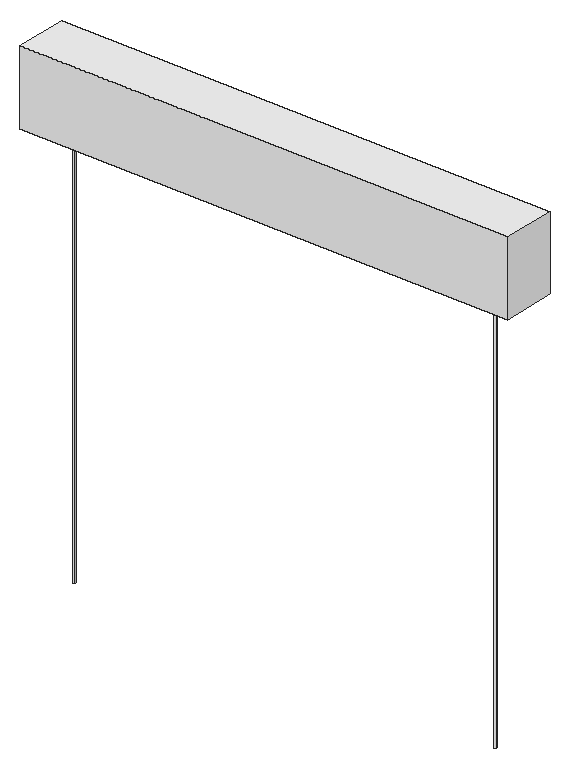
Revit family "Pursuit-C-I", category Lighting Fixtures, host Face, Revit 2014
Parameters (values of type "RN-C-I-02")
  zz Length 2 [instance] = Cable Height  # 20.00"
  Wattage = 13 W
  Warranty = "5-Years Warranty"  # constant formula
  built-in parameter 1150110 = 1 (stored number, unit not read)
  Voltage = 120 V
  Type Comments = "Lighting Fixture"  # constant formula
  built-in parameter 1114217 = 1 (stored number, unit not read)
  Tilt Angle = -90.00°
  built-in parameter 1150109 = 1 (stored number, unit not read)
  built-in parameter 1150134 = (empty or 0)
  built-in parameter 1150113 = 1 (stored number, unit not read)
  Product Page URL = "https://www.hubbell.com/architecturalarealighting/en/Products/Lighting-Controls/Commercial-Outdoor-Lighting/Wall-Mount/Pursuit-Family/p/2834000"
  Product Documentation Link = "https://hubbellcdn.com/specsheet/aal_rni_spec.pdf"
  Power Factor = 1
  Photometric Web File = "RN-U-2-10-3K8-SM.ies"
  Photometric Notes = "More IES files download on Photometric Link"  # constant formula
  Photometric Link = "https://www.hubbell.com/architecturalarealighting/en/Products/Lighting-Controls/Commercial-Outdoor-Lighting/Wall-Mount/Pursuit-Family/p/2834000"
  Cable Height [instance] = 20.00"
  zz Length 1 = 24.00"
  Wattage Comments = ""
  URL = "https://www.hubbell.com/architecturalarealighting/en/"
  Mounting = "Cable"  # constant formula
  Model = "Pursuit - Pendant Indirect"  # constant formula
  Manufacturer = "Architectural Area Lighting"  # constant formula
  built-in parameter 1150105 = 128.28 (stored number, unit not read)
  Lumens = 1612 lm
  built-in parameter 1150115 = 1 (stored number, unit not read)
  Load Classification = Lighting
  built-in parameter 1150137 = (empty or 0)
  built-in parameter 1150139 = (empty or 0)
  built-in parameter 1150112 = 1 (stored number, unit not read)
  built-in parameter 1150114 = 1 (stored number, unit not read)
  Lamp = "LED"  # constant formula
  built-in parameter 1150132 = (empty or 0)
  built-in parameter 1150102 = (empty or 0)
  built-in parameter 1150107 = 3500 (stored number, unit not read)
  built-in parameter 1150138 = (empty or 0)
  built-in parameter 1150106 = 1.2828 (stored number, unit not read)
  Glass = Glass - Hubbell - White
  Fixture Distribution = "Indirect"  # constant formula
  Emit from Rectangle Width = zz Length 1 - 1.00"  # 23.00"
  Emit from Rectangle Length = 2.00"  # constant formula
  Emit Shape Visible in Rendering = no
  built-in parameter 1150104 = 11.52 (stored number, unit not read)
  Dimming Lamp Color Temperature Shift = <None>
  Description = "Linear Unlimted Low profile linear form factor seamlessly blends with the architecture - day or night. Individual housing lengths can be connected with external lens for seamless and continuous runs up to 150' to meet a variety of applications"  # constant formula
  Default Elevation = 48.00"
  Create Date = "07/19/2018"  # constant formula
  Copyright = "Copyright © 2018 AAL"  # constant formula
  Contact Us = "https://www.hubbell.com/architecturalarealighting/en/contactUs"
  Color Filter = 16777215
  built-in parameter 1114218 = 1 (stored number, unit not read)
  Housing Material = Paint - Hubbell - White
  built-in parameter 1150133 = 10 (stored number, unit not read)
  Assembly Code = "D5020200"
  Apparent Load = 0 VA
Types (6): name | zz Length 1 | Emit from Rectangle Width
  (no name) | 24.00" | 23.00"
  RN-C-I-02 | 24.00" | 23.00"
  RN-C-I-03 | 36.00" | 35.00"
  RN-C-I-04 | 48.00" | 47.00"
  RN-C-I-06 | 72.00" | 71.00"
  RN-C-I-08 | 96.00" | 95.00"
Reference planes (in)
  plane 1 "Center (Front/Back)": y = 13.01342
  plane 2: z = 0
  plane 3 "Center (Left/Right)": x = 0
  plane 4: x = -12
  plane 5: x = 12
  plane 6: x = -10.37
  plane 7: x = 10.37
  plane 8: z = 0.25
  plane 9: z = 22.75
  plane 10: z = 20
  plane 11: z = 23.65
  plane 12: z = 20.5
Forms (in)
  Revolve 1, solid, material "Paint - Hubbell - White" <- "Housing Material"
    sketch origin (5.75, 13.01342, 0) x (1, 0, 0) y (0, 0, 1)
      loop
        line (-16.12, 20) -> (-16.12, 0) -> (-16.07, 0) -> (-16.07, 20) -> (-16.12, 20)
      axis (-16.12, 20) -> (-16.12, 0)
    angle from 0 to 360
  Revolve 2, solid, material "Paint - Hubbell - White" <- "Housing Material"
    sketch origin (-5.75, 13.01342, 0) x (-1, 0, 0) y (0, 0, -1)
      loop
        line (-16.12, -20) -> (-16.07, -20) -> (-16.07, 0) -> (-16.12, 0) -> (-16.12, -20)
      axis (-16.12, -20) -> (-16.12, 0)
    angle from 0 to 360
Dimensions and locks (in)
  equal spacing: plane 5, plane 3 "Center (Left/Right)", plane 4
  "zz Length 1": plane 5 to plane 4
  locked: plane 8 to plane 2 at 0.25
  locked: plane 6 to plane 4 at 1.63
  locked: plane 5 to plane 7 at 1.63
  "zz Length 2": plane 10 to plane 2
  locked: plane 11 to plane 10 at 3.65
  locked: plane 9 to plane 10 at 2.75
  locked: plane 12 to plane 10 at 0.5
  aligned and locked: plane 2 to host face
  aligned and locked: level to host face
  aligned and locked: plane 3 "Center (Left/Right)" to nested 1
  aligned and locked: plane 1 "Center (Front/Back)" to nested 1
  aligned and locked: Revolve 1 sketch curve to Revolve 1 sketch curve
  aligned and locked: plane 3 "Center (Left/Right)" to imposter light
  aligned and locked: plane 12 to imposter light
  aligned and locked: Revolve 2 sketch curve to Revolve 2 sketch curve
  aligned and locked: Revolve 2 to plane 10
  aligned and locked: plane 10 to Revolve 1
Automatic sketch dimensions
  host sketch curve to host sketch curve = 96.00"  (x2)
  Revolve 1 sketch curve to plane 6 = 0.00"
  Revolve 1 sketch curve to plane 10 = 0.00"
  Revolve 1 sketch curve to level = 0.00"
  plane 6 to Revolve 1 sketch curve = 0.05"
  plane 8 to Revolve 1 sketch curve = 0.66777"
  Revolve 1 sketch curve to plane 10 = 5.54524"
  Revolve 2 sketch curve to plane 7 = 0.00"
  Revolve 2 sketch curve to plane 10 = 0.00"
  Revolve 2 sketch curve to level = 0.00"
  Revolve 2 sketch curve to plane 7 = 0.05"
  Revolve 2 sketch curve to plane 10 = 5.54524"
  plane 8 to Revolve 2 sketch curve = 0.66777"
Nested families (in)
  nested 1: "Pendent Indirect" at (-0.01104, 12.97343, 20), Glass <- "Glass", Backbox <- "Housing Material", Length <- "zz Length 1", type "Pendent Indirect"
    with Length 24.00", Glass Glass - Hubbell - White, Backbox Paint - Hubbell - White
Connectors (in)
  electrical at (0, 13.01342, 20), driven by "Load Classification", driven by "Voltage", driven by "Apparent Load", driven by "Power Factor"
    settings: on nested 1, index 1, voltage 120 V, apparent load 0 VA, apparent load phase1 0 VA, apparent load phase2 0 VA, apparent load phase3 0 VA, power factor 1, load classification "Lighting", number of poles 1, system type 30, power factor state 1, is connector primary yes, connector utility no, sub classification motor no, connector description "Electrical Connector"
Definition of nested family "Pendent Indirect"
  Parameters (values of type "Pendent Indirect")
    Wattage Comments = ""
    URL = ""
    Model = ""
    Manufacturer = ""
    Length [instance] = 36.00"
    Lamp = ""
    Glass [instance] = none
    Description = ""
    Default Elevation = 48.00"
    Backbox [instance] = none
  Reference planes (in)
    plane 1 "Center (Front/Back)": y = 0.03999
    plane 2: z = 0
    plane 3 "Center (Left/Right)": x = 0.01104
    plane 4: z = 3.65
    plane 5: z = 1
    plane 6: x = -17.98896
    plane 7: x = 18.01104
    plane 8: x = -17.48896
    plane 9: x = 17.51104
    plane 10: y = 1.22499
    plane 11: y = -1.14501
    plane 12: y = -1.23501
    plane 13: y = 1.31499
    plane 14: z = 0.125
    plane 15: z = 3.525
    plane 16: x = -15.48896
    plane 17: x = 15.51104
  Forms (in)
    Extrusion 1, solid
      sketch origin (0, 0, 0.06357) x (1, 0, 0) y (0, 1, 0)
        loop
          line (-48, 48) -> (-48, -48) -> (48, -48) -> (48, 48) -> (-48, 48)
      from -0.06357 to -12.81105
    Extrusion 2, solid, material <- "Backbox"
      sketch origin (0.01104, 0, 0) x (0, 1, 0) y (0, 0, 1)
        loop
          line (1.31499, 3.65) -> (-1.23501, 3.65) -> (-1.23501, 0) -> (1.31499, 0) -> (1.31499, 3.65)
      from -18 to 18
    Extrusion 3, solid, material <- "Glass"
      sketch origin (0, 0, 0.7875) x (1, 0, 0) y (0, 1, 0)
        loop
          line (-15.48896, 1.22499) -> (-15.48896, -1.14501) -> (15.51104, -1.14501) -> (15.51104, 1.22499) -> (-15.48896, 1.22499)
      from -0.7875 to -0.6625
    Extrusion 4, void
      sketch origin (-23.78896, 8.13374, 0) x (-1, 0, 0) y (0, 1, 0)
        loop
          line (-8.3, -6.90875) -> (-39.3, -6.90875) -> (-39.3, -9.27875) -> (-8.3, -9.27875) -> (-8.3, -6.90875)
      from 0 to -1
  Cuts and joins
    Extrusion 4 cuts Extrusion 2
  Dimensions and locks (in)
    "Length": plane 7 to plane 6
    locked: plane 8 to plane 6 at 0.5
    locked: plane 7 to plane 9 at 0.5
    equal spacing: plane 7, plane 3 "Center (Left/Right)", plane 6
    plane 4 to plane 2 = 3.65"
    locked: plane 14 to plane 2 at 0.125
    locked: plane 5 to plane 2 at 1
    locked: plane 4 to plane 15 at 0.125
    equal spacing: plane 10, plane 1 "Center (Front/Back)", plane 11
    locked: plane 13 to plane 10 at 0.09
    locked: plane 11 to plane 12 at 0.09
    locked: plane 13 to plane 12 at 2.55
    locked: plane 16 to plane 6 at 2.5
    locked: plane 7 to plane 17 at 2.5
    aligned and locked: plane 2 to Extrusion 1
    aligned and locked: plane 4 to Extrusion 2 sketch curve
    aligned and locked: plane 13 to Extrusion 2 sketch curve
    aligned and locked: Extrusion 2 sketch curve to level
    aligned and locked: plane 12 to Extrusion 2 sketch curve
    aligned and locked: Extrusion 2 to plane 6
    aligned and locked: plane 7 to Extrusion 2
    aligned and locked: Extrusion 3 to plane 16
    aligned and locked: Extrusion 3 to plane 17
    aligned and locked: Extrusion 4 to Extrusion 3
    aligned and locked: Extrusion 3 to Extrusion 4
    aligned and locked: Extrusion 4 to level
  Automatic sketch dimensions
    Extrusion 1 sketch curve to Extrusion 1 sketch curve = 96.00"  (x2)
    Extrusion 3 sketch curve to plane 11 = 0.00"
    Extrusion 3 sketch curve to plane 16 = 0.00"
    Extrusion 3 sketch curve to plane 17 = 0.00"
    plane 10 to Extrusion 3 sketch curve = 0.00"
    Extrusion 4 sketch curve to plane 9 = 2.00"
    plane 8 to Extrusion 4 sketch curve = 2.00"
    plane 10 to Extrusion 4 sketch curve = 0.00"
    Extrusion 4 sketch curve to plane 11 = 0.00"
